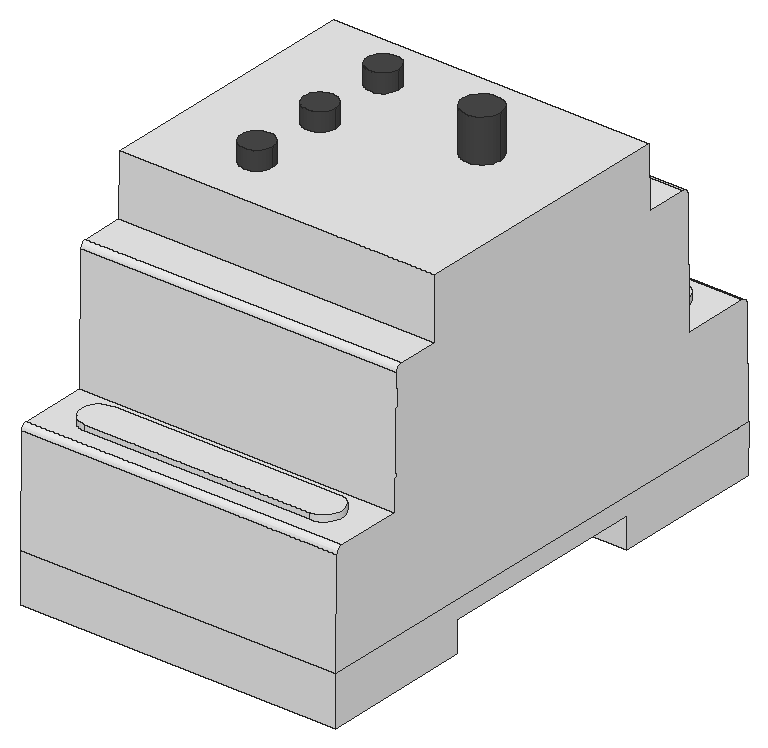
Revit family "DEVIreg 316_RFA_1", category Data Devices, host Face, Revit 2019
Family settings
  Host = Face
  Maintain Annotation Orientation = No
  Round Connector Dimension = Use Diameter
  Part Type = Normal
  OmniClass Number = 23.85.50.17
  OmniClass Title = Communication and Data Processing Equipment
  Cut with Voids When Loaded = No
  Shared = No
  Room Calculation Point = No
Parameters (values of type "DEVIreg™ 316_140F1075")
  Weight = 0.18 kg  # constant formula
  WarrantyStartDate = ""
  WarrantyGuarantorParts = ""
  WarrantyGuarantorLabor = ""
  WarrantyDurationUnit = ""
  WarrantyDurationParts = ""
  WarrantyDurationLabor = ""
  WarrantyDescription = ""
  W = 52 mm  # constant formula
  Voltage = 230 V  # constant formula
  URL = "https://store.danfoss.com/en/Climate-Solutions-for-heating/Electric-heating/DEVI-electric-heating/Thermostats/Thermostats%2C-DEVIreg%E2%84%A2-316%2C-Sensor-type%3A-Wire%2C-16-A/p/140F1075"
  TagNumber = ""
  SustainabilityPerformance = ""
  Storage temperature = "-25 °C to 60 °C, 90% RH non-condensing"  # constant formula
  Standby power consumption = "0.25 W"  # constant formula
  Size = ""
  Shape = ""
  SerialNumber = ""
  Sensing unit = "NTC 15 kOhm at 25 °C"  # constant formula
  Resistive load = "Max. 16 A, 3680 W @ 230 V"  # constant formula
  ReplacementCost = ""
  Protection class = "Class II"  # constant formula
  Power = 0.25 W  # constant formula
  Pollution degree  = "2 (domestic use)"  # constant formula
  Operating Temperature Range = "-10 °C to +50 °C"  # constant formula
  NominalWidth = W  # 52 mm
  NominalLength = L  # 58 mm
  NominalHeight = H  # 85 mm
  Name = ""
  Mounting method = "DIN rail"  # constant formula
  ModelReference = ""
  ModelNumber = ""
  Model Type = "DEVIreg™ 316"  # constant formula
  Model = "140F1075"
  Minimum temperature range = "-10 °C to +5 °C"  # constant formula
  Material = ""
  Marking = "D316"  # constant formula
  Manufacturer = "Danfoss"  # constant formula
  Lowering in economy periods = "0 °C to 8 °C"  # constant formula
  LOD 350 = not(LOD 200)  # yes
  LOD 200 = no
  L = D  # 58 mm
  InstallationDate = ""
  Inductive load = "Max. 1 A, cos φ = 0.3"  # constant formula
  IfcExportType = "DEVIreg 316"  # constant formula
  IfcExportAs = "IfcElectricApplianceType"  # constant formula
  IP Rating = "30"  # constant formula
  Hysteresis = "0 °C to 6 °C"  # constant formula
  H = 85 mm  # constant formula
  Grade = ""
  Finish = ""
  Features = ""
  ExpectedLife = ""
  DurationUnit = ""
  Description = "Electronic thermostat"  # constant formula
  Default Elevation = 0 mm
  D = 58 mm  # constant formula
  Controller type = "1 B"  # constant formula
  Constituents = ""
  Color = ""
  CodePerformance = ""
  Category = ""
  Cable specification for connector terminals, max. = "1 x 4 mm² or 2 x 2.5 mm²"  # constant formula
  Body Material = Danfoss Plastic White
  BarCode = ""
  AssetType = ""
  AssetIdentifier = ""
  Ambient Temperature Range = "-10 °C to +45 °C"  # constant formula
  AccessibilityPerformance = ""
Reference planes
  plane 1 "Center (Front/Back)": y = 0
  plane 2: z = 0
  plane 3 "Center (Left/Right)": x = 0
  plane 4: x = -26
  plane 5: x = 26
  plane 6: y = 42.5
  plane 7: y = -42.5
  plane 8: z = 58
Forms (mm)
  Extrusion 1, solid, material "Danfoss Plastic White" <- "Body Material", visible <- "LOD 350", detail levels fine
    sketch origin (0, 0, 8) x (0, 1, 0) y (0, 0, 1)
      loop
        line (42.5, 0) -> (42.194, 17.517)
        arc (42.194, 17.517) -> (41.895, 18.213) -> (41.194, 18.5) r 1
        line (41.194, 18.5) -> (38.5, 18.5) -> (38.5, 19.5) -> (32.5, 19.5) -> (32.5, 18.5) -> (30.332, 18.5) -> (29.991, 39.017)
        arc (29.991, 39.017) -> (29.692, 39.713) -> (28.991, 40) r 1
        line (28.991, 40) -> (22.175, 40) -> (22, 50) -> (-22, 50) -> (-22.175, 40) -> (-28.991, 40)
        arc (-28.991, 40) -> (-29.692, 39.713) -> (-29.991, 39.017) r 1
        line (-29.991, 39.017) -> (-30.332, 18.5) -> (-32.5, 18.5) -> (-32.5, 19.5) -> (-38.5, 19.5) -> (-38.5, 18.5) -> (-41.194, 18.5)
        arc (-41.194, 18.5) -> (-41.895, 18.213) -> (-42.194, 17.517) r 1
        line (-42.194, 17.517) -> (-42.5, 0) -> (42.5, 0)
    from -26 to 26
  Extrusion 2, solid, material "Danfoss Plastic Black", visible <- "LOD 350", detail levels fine
    sketch origin (0, 0, 0) x (1, 0, 0) y (0, 1, 0)
      loop
        circle (-10.6, 13) r 2.6
      loop
        circle (-10.6, 0) r 2.6
      loop
        circle (-10.6, -13) r 2.6
    from 58 to 61
  Extrusion 3, solid, material "Danfoss Plastic Black", visible <- "LOD 350", detail levels fine
    sketch origin (0, 0, 0) x (1, 0, 0) y (0, 1, 0)
      loop
        circle (10.7, 6.7) r 3.1
    from 58 to 65
  Extrusion 4, void
    sketch origin (0, 0, 0) x (1, 0, 0) y (0, 1, 0)
      loop
        line (-26, 32.5) -> (-18.5, 32.5)
        arc (-18.5, 32.5) -> (-21.5, 35.5) -> (-18.5, 38.5) r 3
        line (-18.5, 38.5) -> (-26, 38.5) -> (-26, 32.5)
      loop
        line (26, 38.5) -> (18.5, 38.5)
        arc (18.5, 38.5) -> (21.5, 35.5) -> (18.5, 32.5) r 3
        line (18.5, 32.5) -> (26, 32.5) -> (26, 38.5)
      loop
        line (-26, -38.5) -> (-18.5, -38.5)
        arc (-18.5, -38.5) -> (-21.5, -35.5) -> (-18.5, -32.5) r 3
        line (-18.5, -32.5) -> (-26, -32.5) -> (-26, -38.5)
      loop
        line (26, -32.5) -> (18.5, -32.5)
        arc (18.5, -32.5) -> (21.5, -35.5) -> (18.5, -38.5) r 3
        line (18.5, -38.5) -> (26, -38.5) -> (26, -32.5)
    from 26.5 to 27.5
  Extrusion 5, solid, material "Danfoss Plastic White" <- "Body Material", visible <- "LOD 200", detail levels medium+fine
    sketch origin (0, 0, 8) x (0, 1, 0) y (0, 0, 1)
      loop
        line (42.5, 18.5) -> (30.332, 18.5) -> (30.332, 50) -> (-30.332, 50) -> (-30.332, 18.5) -> (-42.5, 18.5) -> (-42.5, 0) -> (42.5, 0) -> (42.5, 18.5)
    from -26 to 26
  Extrusion 6, solid, material "Danfoss Plastic White" <- "Body Material", detail levels coarse+medium
    sketch origin (0, 0, 0) x (0, 1, 0) y (0, 0, 1)
      loop
        line (42.5, 58) -> (-42.5, 58) -> (-42.5, 0) -> (42.5, 0) -> (42.5, 58)
    from -26 to 26
  Extrusion 7, solid, material "Danfoss Plastic White" <- "Body Material", detail levels fine
    sketch origin (0, 0, 0) x (0, 1, 0) y (0, 0, 1)
      loop
        line (-42.5, 8) -> (-42.5, 0) -> (42.5, 0) -> (42.5, 8) -> (-42.5, 8)
    from -26 to 26
  Extrusion 8, void
    sketch origin (0, 0, 0) x (0, 1, 0) y (0, 0, 1)
      loop
        line (-17.5, 0) -> (17.5, 0) -> (17.5, 5) -> (-17.5, 5) -> (-17.5, 0)
    from -31.379 to 33.646
Cuts and joins
  Extrusion 4 cuts Extrusion 1
  Extrusion 8 cuts Extrusion 7
Dimensions and locks
  "W": plane 4 to plane 5
  "H": plane 6 to plane 7
  locked: plane 6 to Extrusion 5 sketch curve at 12.168
  locked: Extrusion 5 sketch curve to plane 7 at 12.168
  Extrusion 5 sketch curve to host face = 26.5 mm  (x2)
  equal spacing: plane 4, plane 3 "Center (Left/Right)", plane 5
  equal spacing: plane 7, plane 1 "Center (Front/Back)", plane 6
  "D": host face to plane 8
  equal spacing: Extrusion 8 sketch curve, plane 1 "Center (Front/Back)", Extrusion 8 sketch curve
  Extrusion 8 sketch curve to Extrusion 8 sketch curve = 35 mm
  aligned and locked: plane 2 to host face
  aligned and locked: level to host face
  aligned and locked: Extrusion 2 to Extrusion 1
  aligned and locked: Extrusion 3 to Extrusion 1
  aligned and locked: plane 6 to Extrusion 5 sketch curve
  aligned and locked: Extrusion 5 sketch curve to plane 7
  aligned and locked: plane 4 to Extrusion 5
  aligned and locked: plane 5 to Extrusion 5
  aligned and locked: Extrusion 6 sketch curve to plane 6
  aligned and locked: Extrusion 6 sketch curve to Extrusion 5
  aligned and locked: plane 4 to cut or joined group of Extrusion 1, Extrusion 4
  aligned and locked: plane 5 to cut or joined group of Extrusion 1, Extrusion 4
  aligned and locked: Extrusion 7 sketch curve to cut or joined group of Extrusion 1, Extrusion 4
  aligned and locked: level to Extrusion 7 sketch curve
  aligned and locked: plane 6 to Extrusion 7 sketch curve
  aligned and locked: plane 5 to Extrusion 7
  aligned and locked: plane 4 to Extrusion 7
  aligned and locked: Extrusion 4 to Extrusion 1  (x2)
Automatic sketch dimensions
  host sketch curve to host sketch curve = 2438.4 mm  (x2)
  level to Extrusion 1 sketch curve = 8 mm
  Extrusion 1 sketch curve to plane 7 = 0 mm
  Extrusion 1 sketch curve to plane 6 = 0 mm
  plane 7 to Extrusion 1 sketch curve = 0.306 mm
  Extrusion 1 sketch curve to Extrusion 1 sketch curve = 1 mm  (x6)
  Extrusion 1 sketch curve to Extrusion 1 sketch curve = 2.694 mm
  Extrusion 1 sketch curve to Extrusion 1 sketch curve = 6 mm
  Extrusion 1 sketch curve to Extrusion 1 sketch curve = 2.168 mm  (x2)
  plane 7 to Extrusion 1 sketch curve = 12.509 mm
  Extrusion 1 sketch curve to Extrusion 1 sketch curve = 6.817 mm  (x2)
  Extrusion 1 sketch curve to Extrusion 1 sketch curve = 0.175 mm  (x2)
  plane 6 to Extrusion 1 sketch curve = 20.5 mm
  plane 6 to Extrusion 1 sketch curve = 12.168 mm
  plane 6 to Extrusion 1 sketch curve = 4 mm
  plane 6 to Extrusion 1 sketch curve = 1.306 mm
  plane 6 to Extrusion 1 sketch curve = 0.306 mm
  level to Extrusion 1 sketch curve = 25.5 mm  (x2)
  Extrusion 1 sketch curve to Extrusion 1 sketch curve = 0.017 mm  (x3)
  Extrusion 1 sketch curve to Extrusion 1 sketch curve = 0 mm  (x2)
  plane 1 "Center (Front/Back)" to Extrusion 2 sketch curve = 0 mm
  Extrusion 2 sketch curve to plane 3 "Center (Left/Right)" = 10.6 mm  (x3)
  plane 1 "Center (Front/Back)" to Extrusion 2 sketch curve = 13 mm
  Extrusion 2 sketch curve to Extrusion 2 sketch curve = 13 mm
  Extrusion 4 sketch curve to plane 4 = 0 mm  (x2)
  Extrusion 4 sketch curve to plane 5 = 0 mm  (x2)
  Extrusion 4 sketch curve to plane 4 = 7.5 mm  (x2)
  Extrusion 4 sketch curve to plane 5 = 7.5 mm  (x2)
  plane 7 to Extrusion 4 sketch curve = 4 mm  (x2)
  Extrusion 4 sketch curve to Extrusion 4 sketch curve = 3 mm  (x4)
  Extrusion 4 sketch curve to Extrusion 4 sketch curve = 6 mm  (x2)
  plane 6 to Extrusion 4 sketch curve = 10 mm  (x2)
  plane 6 to Extrusion 4 sketch curve = 4 mm  (x2)
  Extrusion 4 sketch curve to Extrusion 4 sketch curve = 0 mm  (x12)
  plane 8 to Extrusion 5 sketch curve = 0 mm
  level to Extrusion 5 sketch curve = 8 mm
  plane 8 to Extrusion 6 sketch curve = 0 mm
  plane 8 to Extrusion 1 sketch curve = 11 mm  (x2)
  plane 8 to Extrusion 1 sketch curve = 0 mm
  Extrusion 8 sketch curve to level = 0 mm
  level to Extrusion 8 sketch curve = 5 mm
  Extrusion 7 sketch curve to plane 7 = 0 mm
  Extrusion 6 sketch curve to level = 0 mm
  radius of Extrusion 2 sketch curve = 2.6 mm  (x3)
Connectors
  electrical at (0, 0, 8), driven by "Voltage", driven by "Power"
    settings: on cut or joined group of Extrusion 1, Extrusion 4, index 1, voltage 230 V, apparent load 0.25 W, apparent load phase1 0 W, apparent load phase2 0 W, apparent load phase3 0 W, power factor 0.95, load classification "Power", number of poles 1, system type 30, power factor state 1, is connector primary yes, connector utility no, sub classification motor no, connector description ""
